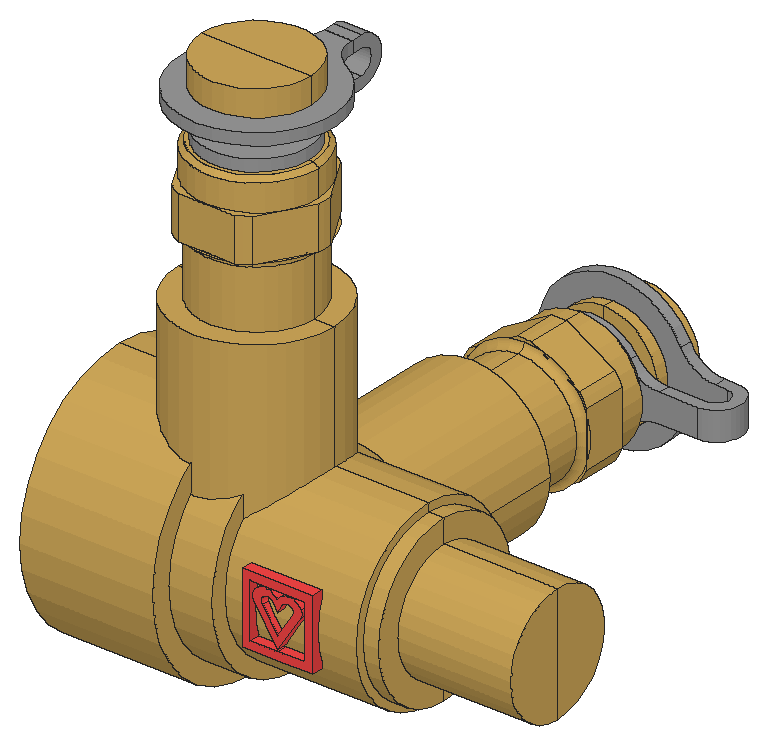
Revit family "HERZ Metering Station 4000_LF_MF", category Rohrzubehör, Revit 2018
Family settings
  Bemaßung runder Anschluss = Durchmesser verwenden
  Teiletyp = Unterbricht
  OmniClass-Nummer = 23.65.55.14
  OmniClass-Titel = Valves for Liquid Services
  Arbeitsebenenbasiert = Nein
  Immer vertikal = Ja
  Beim Laden mit Abzugskörper schneiden = Nein
  Gemeinsam genutzt = Nein
Parameters (values of type "MF")
  kvs-value [instance] = if(and(LF, Nennweite = 15.00 mm), 0.55, if(and(MF, Nennweite = 15.00 mm), 1.1, 0))  # 1.1
  URL = "www.herzvalves.com"
  SCRNSEQ = "AWI;AWI_TYP=\"1001\";02"
  SCRNCODE = "02;01;02"  # constant formula
  S03 = 10.00 mm  # constant formula
  S02 [instance] = S01 - 10.00 mm  # 17.50 mm
  S01 [instance] = H01  # 27.50 mm
  R01 [instance] = 10.00 mm  # constant formula
  Part number [instance] = if(and(LF, Nennweite = 15.00 mm), 1400011, if(and(MF, Nennweite = 15.00 mm), 1400021, 0))  # 1400021
  Nennweite [instance] = 15.00 mm  # constant formula
  Test point = "brass, CW602N"  # constant formula
  Model = "The metering station made of DZR brass has two measuring valves.\r\nAccording to EN 10226, the inlet has an internal thread Rp and the outlet an external thread R."
  Min. operating temperature = -20 °C  # constant formula
  Medium = "Water purity in accordance with the OeNORM H5195 and VDI 2035 standards.\r\nEthylene and propylene glycol can be mixed to a ratio of 25 - 50 vol. %."
  Max. operating pressure = 2000000.0 Pa  # constant formula
  Max. operating temperature (until DN32) = 130 °C  # constant formula
  Max. operating temperature (from DN40) = 110 °C  # constant formula
  MF = yes
  LO01 [instance] = 30.00 mm  # constant formula
  LF = no
  L05 [instance] = 23.00 mm  # constant formula
  L04 [instance] = 16.50 mm  # constant formula
  L03 [instance] = 22.60 mm  # constant formula
  L02 [instance] = 17.00 mm  # constant formula
  L01 [instance] = 17.50 mm  # constant formula
  L00 [instance] = 56.00 mm  # constant formula
  IG [instance] = Nennweite / 2  # 7.50 mm
  Hersteller = "HERZ Armaturen Ges.m.b.H."  # constant formula
  H01 [instance] = 27.50 mm  # constant formula
  GT1 [instance] = 14.50 mm  # constant formula
  GT [instance] = 13.00 mm  # constant formula
  D04 [instance] = D03 - 1.00 mm  # 10.50 mm
  D03 [instance] = 11.50 mm  # constant formula
  D02 [instance] = 13.50 mm  # constant formula
  D01 [instance] = 16.00 mm  # constant formula
  Body = "brass, CC770S"  # constant formula
  Application = "HERZ metering stations are installed in the circuit of water heating and cooling systems and enable the hydraulic balancing of the circuits with one another.\r\nThe metering stations can be used in the supply line as well as in the return line.\r\nThey are either installed closely connected to a HERZ commissioning valve to form a complete set or used in connection with a HERZ shutoff valve.\r\nThe circuit is adjusted by setting the commissioning valve while measuring the pressure loss on the metering station."
  AG [instance] = Nennweite / 2  # 7.50 mm
Types (3, lengths in mm): name | kvs-value | Part number | MF | LF
  (no name) | 1.1 | 1400021 | yes | no
  LF | 0.55 | 1400011 | no | yes
  MF | 1.1 | 1400021 | yes | no
Reference planes
  plane 1 "Mitte (Vorne/hinten)": y = 0
  plane 2: z = 0
  plane 3 "Mitte (Links/rechts)": x = 0
Forms (mm)
  Revolve 1, solid, material "Messing, weicher Gelbton, geschweißt", detail levels fine
    sketch origin (0, 0, 0) x (1, 0, 0) y (0, 0, 1)
      loop
        line (-4.5, 0) -> (38.5, 0) -> (38.5, 7.5) -> (24, 7.5) -> (24, 10.5) -> (22, 10.5) -> (22, 11.5) -> (5.1, 11.5) -> (5.1, 13.5) -> (-0.5, 13.5) -> (-0.5, 16) -> (-17.5, 16) -> (-17.5, 7.5) -> (-4.5, 7.5) -> (-4.5, 0)
      axis (-17.5, 0) -> (38.5, 0)
    angle from 0 to 360
  Revolve 2, solid, material "Messing, weicher Gelbton, geschweißt", detail levels fine
    sketch origin (0, 0, 0) x (1, 0, 0) y (0, 0, 1)
      loop
        line (-10, 7.5) -> (0, 7.5) -> (0, 27.5) -> (-10, 27.5) -> (-10, 7.5)
      axis (0, 27.5) -> (0, 7.5)
    angle from 0 to 360
  Revolve 3, solid, material "Messing, weicher Gelbton, geschweißt", detail levels fine
    sketch origin (0, 0, 0) x (1, 0, 0) y (0, 1, 0)
      loop
        line (5.5, 7.5) -> (15.5, 7.5) -> (15.5, 27.5) -> (5.5, 27.5) -> (5.5, 7.5)
      axis (5.5, 27.5) -> (5.5, 7.5)
    angle from 0 to 360
Lines and regions (mm)
  model lines, detail levels coarse+medium
    curve 1: line (-17.5, 0, 0) -> (0.5, 0, 0)
    curve 2: line (10.5, 0, -27.5) -> (10.5, 0, 27.5)
    curve 3: line (20.5, 0, 17.5) -> (20.5, 0, -17.5)
    curve 4: line (20.5, 0, 0) -> (38.5, 0, 0)
    curve 5: line (0.5, 0, 17.5) -> (0.5, 0, -17.5)
    curve 6: line (-17.5, 0, 0) -> (0.5, 0, 0)
    curve 7: line (10.5, 27.5, 0) -> (10.5, -27.5, 0)
    curve 8: line (0.5, 17.5, 0) -> (0.5, -17.5, 0)
    curve 9: line (20.5, 17.5, 0) -> (20.5, -17.5, 0)
    curve 10: line (20.5, 0, 0) -> (38.5, 0, 0)
Dimensions and locks
  "L00": Revolve 1 sketch curve to Revolve 1 sketch curve
  "GT": Revolve 1 sketch curve to Revolve 1 sketch curve
  "L01": plane 3 "Mitte (Links/rechts)" to Revolve 1 sketch curve
  "GT1": Revolve 1 sketch curve to Revolve 1 sketch curve
  "L02": Revolve 1 sketch curve to Revolve 1 sketch curve
  "L03": Revolve 1 sketch curve to Revolve 1 sketch curve
  "L04": Revolve 1 sketch curve to Revolve 1 sketch curve
  "AG": Revolve 1 sketch curve to plane 2
  "IG": Revolve 1 sketch curve to plane 2
  "D01": Revolve 1 sketch curve to plane 2
  "D02": Revolve 1 sketch curve to plane 2
  "D03": Revolve 1 sketch curve to plane 2
  "D04": Revolve 1 sketch curve to plane 2
  "D03": nested 1 to plane 1 "Mitte (Vorne/hinten)"
  "LO01": Revolve 1 to nested 1
  "IG": Revolve 2 sketch curve to plane 2
  "H01": Revolve 2 sketch curve to plane 2
  "R01": plane 3 "Mitte (Links/rechts)" to Revolve 2 sketch curve
  "H01": nested 2 to plane 2
  "IG": plane 1 "Mitte (Vorne/hinten)" to Revolve 3 sketch curve
  "H01": plane 1 "Mitte (Vorne/hinten)" to Revolve 3 sketch curve
  "R01": Revolve 3 sketch curve to Revolve 3 sketch curve
  "L05": Revolve 1 to Revolve 3 sketch curve  (x2)
  "H01": plane 1 "Mitte (Vorne/hinten)" to nested 3
  "L05": Revolve 1 to nested 3
  "L01": Revolve 1 to nested 2
  "S01": curve 2 to curve 4 to curve 2
  "L00": curve 1 to curve 4
  "S02": curve 3 to curve 4 to curve 3
  "S03": curve 2 to curve 3
  "S03": curve 2 to curve 5
  equal spacing: curve 4, curve 2, curve 1
  "S02": curve 5 to curve 1 to curve 5
  "L01": plane 3 "Mitte (Links/rechts)" to curve 1
  "L00": curve 6 to curve 10
  equal spacing: curve 6, curve 7, curve 10
  "S03": curve 8 to curve 7 to curve 9
  "S02": curve 9 to curve 10 to curve 9
  "S02": curve 8 to curve 6 to curve 8
  "S01": curve 7 to curve 10 to curve 7
  "L01": curve 6 to plane 3 "Mitte (Links/rechts)"
  aligned and locked: level to plane 2
Automatic sketch dimensions
  curve 4 to level = 0.00 mm
  curve 1 to level = 0.00 mm
  plane 1 "Mitte (Vorne/hinten)" to curve 10 = 0.00 mm
  plane 1 "Mitte (Vorne/hinten)" to curve 6 = 0.00 mm
  Revolve 1 sketch curve to level = 0.00 mm  (x2)
  Revolve 1 sketch curve to Revolve 1 sketch curve = 1489.03 mm
  Revolve 1 sketch curve to Revolve 1 sketch curve = 1800.648 mm
  Revolve 2 sketch curve to plane 3 "Mitte (Links/rechts)" = 0.00 mm  (x2)
  Revolve 2 sketch curve to level = 366.045 mm
  Revolve 2 sketch curve to Revolve 2 sketch curve = 2186.815 mm
  Revolve 3 sketch curve to Revolve 3 sketch curve = 0.00 mm  (x2)
Nested families
  nested 1: "Herz-Logo-vorne" at (12.5, -11.5, 0) x (0, 1, 0) z (0, 0, 1), type "Herz-Logo-vorne", detail levels fine
  nested 2: "Messstutzen_Band_Eintritt_senkrecht_(oben)" at (0, 0, 18.5), type "Messstutzen_Band_Eintritt_senkrecht_(oben)", detail levels fine
    with Schutzkappe yes, Nennweite 0.00 mm, Gewicht 0.00 kg, Bestellnummer 0
  nested 3: "Messstutzen_Band_Austritt_waagrecht" at (5.5, 18.5, 0) x (0, -1, 0) z (0, 0, 1), type "Messstutzen_Band_Austritt_waagrecht", detail levels fine
    with Schutzkappe yes, Nennweite 0.00 mm, Gewicht 0.00 kg, Bestellnummer 0
Connectors
  piping at (-4.5, 0, 0), diameter 15, driven by "Nennweite"
    settings: on Revolve 1, index 1, connector inside diameter 609.6 mm, connector length 0.00 mm, flow factor 0, pipe flow 0.0 L/s, pressure drop 0.0 Pa, fitting loss kfactor 0, connector angle 0.00°, fixture units 0, engagement length 0.00 mm, angle of deflection 0.00°, flow configuration 0, flow direction 1, fitting loss method 0, system type 29, joint type 0, gender type 0, connector reference index -1, connector utility 0, adjustable connector no, is connector primary yes, connector description ""
  piping at (38.5, 0, 0), diameter 15, driven by "Nennweite"
    settings: on Revolve 1, index 2, connector inside diameter 609.6 mm, connector length 0.00 mm, flow factor 0, pipe flow 0.0 L/s, pressure drop 0.0 Pa, fitting loss kfactor 0, connector angle 0.00°, fixture units 0, engagement length 0.00 mm, angle of deflection 0.00°, flow configuration 0, flow direction 2, fitting loss method 0, system type 29, joint type 0, gender type 0, connector reference index -1, connector utility 0, adjustable connector no, is connector primary no, connector description ""
Definition of nested family "Herz-Logo-vorne"
  Reference planes
    plane 1 "Mitte (Vorne/hinten)": y = 0
    plane 2: z = 0
    plane 3 "Mitte (Links/rechts)": x = 0
  Forms (mm)
    Extrusion 1, solid
      sketch origin (0.732, -0.018, 0.017) x (0, -1, 0) y (0, 0, 1)
        loop
          line (-0.018, -4.517) -> (4.482, -4.517) -> (4.482, 4.483) -> (-4.518, 4.483) -> (-4.518, -4.517) -> (-0.018, -4.517)
        loop
          line (-0.05, -3.48) -> (3.482, -3.48) -> (3.482, 3.483) -> (-3.518, 3.483) -> (-3.518, -3.48) -> (-0.05, -3.48)
        loop
          arc (-0.018, 2.383) -> (-1.543, 3.287) -> (-3.067, 2.383) r 1.738
          arc (-3.067, 2.383) -> (-3.191, 1.899) -> (-3.067, 1.415) r 1.009
          line (-3.067, 1.415) -> (-0.018, -3.281) -> (3.032, 1.415)
          arc (3.032, 1.415) -> (3.156, 1.899) -> (3.032, 2.383) r 1.009
          arc (3.032, 2.383) -> (1.507, 3.287) -> (-0.018, 2.383) r 1.738
        loop
          arc (1.885, 1.272) -> (2.005, 1.675) -> (1.885, 2.079) r 0.74
          arc (1.885, 2.079) -> (1.265, 2.416) -> (0.644, 2.079) r 0.74
          line (0.644, 2.079) -> (-0.018, 0.97) -> (-0.679, 2.079)
          arc (-0.679, 2.079) -> (-1.3, 2.416) -> (-1.921, 2.079) r 0.74
          arc (-1.921, 2.079) -> (-2.04, 1.675) -> (-1.921, 1.272) r 0.74
          line (-1.921, 1.272) -> (-0.018, -1.658) -> (1.885, 1.272)
      from 0 to 1.5
  Dimensions and locks
    aligned and locked: level to plane 2
Definition of nested family "Messstutzen_Band_Eintritt_senkrecht_(oben)"
  Parameters (values of type "Messstutzen_Band_Eintritt_senkrecht_(oben)")
    URL = "www.herz-armaturen.at"
    Schutzkappe [instance] = yes
    Nennweite [instance] = 0.00 mm
    Manufacturer = "Herz Armaturen GmbH"  # constant formula
    Gewicht [instance] = 0.00 kg
    Bestellnummer [instance] = 0
  Reference planes
    plane 1 "Mitte (Vorne/hinten)": y = 0
    plane 2: z = 0
    plane 3 "Mitte (Links/rechts)": x = 0
    plane 4 "Schlaufe 1": z = -27
    plane 5 "Schlaufe 2": z = -31.678
  Forms (mm)
    Revolve 1, solid, detail levels fine
      sketch origin (0, 0, 0) x (1, 0, 0) y (0, 0, 1)
        loop
          line (-7.4, 9) -> (-5.55, 9) -> (-5.55, 6)
          arc (-5.55, 6) -> (-5.626, 5.617) -> (-5.843, 5.293) r 1
          line (-5.843, 5.293) -> (-6.455, 4.681) -> (-6.455, 0.9) -> (-5.555, 0) -> (-2, 0) -> (-2, 17.5) -> (-8.4, 17.5)
          arc (-8.4, 17.5) -> (-7.693, 17.207) -> (-7.4, 16.5) r 1
          line (-7.4, 16.5) -> (-7.4, 9)
        loop
          line (-3.7, 27) -> (-7.3, 27) -> (-7.9, 26.4) -> (-7.9, 23) -> (-2, 23) -> (-2, 35.8) -> (-3.805, 35.8) -> (-4.415, 35.19) -> (-4.415, 30.863) -> (-3.7, 30.45) -> (-3.7, 27)
        axis (0, 0) -> (0, 35.8)
      angle from 0 to 360
    Extrusion 2, solid, detail levels fine
      sketch origin (0, 0, 17.5) x (0, 1, 0) y (-1, 0, 0)
        loop
          arc (-7.07, 5.156) -> (-7.578, 4.375) -> (-8, 3.544) r 8.75
          line (-8, 3.544) -> (-8, -3.544)
          arc (-8, -3.544) -> (-7.578, -4.375) -> (-7.07, -5.156) r 8.75
          line (-7.07, -5.156) -> (-0.93, -8.7)
          arc (-0.93, -8.7) -> (0, -8.75) -> (0.93, -8.7) r 8.75
          line (0.93, -8.7) -> (7.07, -5.156)
          arc (7.07, -5.156) -> (7.578, -4.375) -> (8, -3.544) r 8.75
          line (8, -3.544) -> (8, 3.544)
          arc (8, 3.544) -> (7.578, 4.375) -> (7.07, 5.156) r 8.75
          line (7.07, 5.156) -> (0.93, 8.7)
          arc (0.93, 8.7) -> (0, 8.75) -> (-0.93, 8.7) r 8.75
          line (-0.93, 8.7) -> (-7.07, 5.156)
      from 0 to 5.5
    Revolve 3, solid, visible <- "Schutzkappe", detail levels fine
      sketch origin (0, 0, 0) x (1, 0, 0) y (0, 0, 1)
        loop
          line (0, 35.878) -> (0, 36.678) -> (-7, 36.678) -> (-7, 33.378) -> (-6.1, 33.378) -> (-6.1, 31.678) -> (-6.9, 31.678) -> (-6.9, 30.178) -> (-4.415, 30.178) -> (-4.415, 35.268) -> (-3.805, 35.878) -> (0, 35.878)
        axis (0, 30.178) -> (0, 36.678)
      angle from 0 to 360
    Extrusion 4, solid, detail levels fine
      sketch origin (0, 0, 28.5) x (1, 0, 0) y (0, 1, 0)
        loop
          circle (0, 0) r 3.7
        loop
          arc (-3.906, 5.505) -> (0, -6.75) -> (3.906, 5.505) r 6.75
          arc (3.906, 5.505) -> (2.358, 7.288) -> (1.8, 9.582) r 5
          line (1.8, 9.582) -> (-1.8, 9.582)
          arc (-1.8, 9.582) -> (-2.358, 7.288) -> (-3.906, 5.505) r 5
      from 0 to -1.5
    Extrusion 5, solid, detail levels fine
      sketch origin (0, 0, 33.178) x (1, 0, 0) y (0, 1, 0)
        loop
          circle (0, 0) r 6.1
        loop
          arc (-4.495, 8.652) -> (0, -9.75) -> (4.495, 8.652) r 9.75
          arc (4.495, 8.652) -> (2.527, 10.493) -> (1.8, 13.089) r 5
          line (1.8, 13.089) -> (-1.8, 13.089)
          arc (-1.8, 13.089) -> (-2.527, 10.493) -> (-4.495, 8.652) r 5
      from 0 to -1.5
    Sweep 6, solid, detail levels fine
      path origin (0, 0, 0) x (0, 0, -1) y (0, -1, 0)
        loop
          line (-27.75, -9.582) -> (-27.75, -14.522)
          arc (-27.75, -14.522) -> (-30.089, -16.862) -> (-32.428, -14.522) r 2.339
          line (-32.428, -14.522) -> (-32.428, -13.089)
      profile origin (0, 12.052, 27.75) x (0, 0, 1) y (1, 0, 0)
        loop
          line (-0.75, -1.8) -> (0.75, -1.8) -> (0.75, 1.8) -> (-0.75, 1.8) -> (-0.75, -1.8)
  Dimensions and locks
    aligned and locked: level to plane 2
Definition of nested family "Messstutzen_Band_Austritt_waagrecht"
  Parameters (values of type "Messstutzen_Band_Austritt_waagrecht")
    URL = "www.herz-armaturen.at"
    Schutzkappe [instance] = yes
    Nennweite [instance] = 0.00 mm
    Manufacturer = "Herz Armaturen GmbH"  # constant formula
    Gewicht [instance] = 0.00 kg
    Bestellnummer [instance] = 0
  Reference planes
    plane 1 "Mitte (Vorne/hinten)": y = 0
    plane 2: z = 0
    plane 3 "Mitte (Links/rechts)": x = 0
  Forms (mm)
    Revolve 1, solid, detail levels fine
      sketch origin (0, 0, 0) x (0, 0, -1) y (1, 0, 0)
        loop
          line (-7.4, -9) -> (-7.4, -16.5)
          arc (-7.4, -16.5) -> (-7.693, -17.207) -> (-8.4, -17.5) r 1
          line (-8.4, -17.5) -> (-2, -17.5) -> (-2, 0) -> (-5.555, 0) -> (-6.455, -0.9) -> (-6.455, -4.681) -> (-5.843, -5.293)
          arc (-5.843, -5.293) -> (-5.626, -5.617) -> (-5.55, -6) r 1
          line (-5.55, -6) -> (-5.55, -9) -> (-7.4, -9)
        loop
          line (-3.7, -27) -> (-3.7, -30.45) -> (-4.415, -30.863) -> (-4.415, -35.19) -> (-3.805, -35.8) -> (-2, -35.8) -> (-2, -23) -> (-7.9, -23) -> (-7.9, -26.4) -> (-7.3, -27) -> (-3.7, -27)
        axis (0, 0) -> (0, -35.8)
      angle from 0 to 360
    Extrusion 2, solid, detail levels fine
      sketch origin (-17.5, 0, 0) x (0, 0, 1) y (0, 1, 0)
        loop
          line (5.156, -7.07) -> (8.7, -0.93)
          arc (8.7, -0.93) -> (8.75, 0) -> (8.7, 0.93) r 8.75
          line (8.7, 0.93) -> (5.156, 7.07)
          arc (5.156, 7.07) -> (4.375, 7.578) -> (3.544, 8) r 8.75
          line (3.544, 8) -> (-3.544, 8)
          arc (-3.544, 8) -> (-4.375, 7.578) -> (-5.156, 7.07) r 8.75
          line (-5.156, 7.07) -> (-8.7, 0.93)
          arc (-8.7, 0.93) -> (-8.75, 0) -> (-8.7, -0.93) r 8.75
          line (-8.7, -0.93) -> (-5.156, -7.07)
          arc (-5.156, -7.07) -> (-4.375, -7.578) -> (-3.544, -8) r 8.75
          line (-3.544, -8) -> (3.544, -8)
          arc (3.544, -8) -> (4.375, -7.578) -> (5.156, -7.07) r 8.75
      from 0 to 5.5
    Revolve 3, solid, visible <- "Schutzkappe", detail levels fine
      sketch origin (0, 0, 0) x (0, 0, -1) y (1, 0, 0)
        loop
          line (0, -35.878) -> (-3.805, -35.878) -> (-4.415, -35.268) -> (-4.415, -30.178) -> (-6.9, -30.178) -> (-6.9, -31.678) -> (-6.1, -31.678) -> (-6.1, -33.378) -> (-7, -33.378) -> (-7, -36.678) -> (0, -36.678) -> (0, -35.878)
        axis (0, -30.178) -> (0, -36.678)
      angle from 0 to 360
    Extrusion 4, solid, detail levels fine
      sketch origin (-27, 0, 0) x (0, 1, 0) y (0, 0, 1)
        loop
          circle (0, 0) r 3.7
        loop
          arc (5.505, 3.906) -> (-6.75, 0) -> (5.505, -3.906) r 6.75
          arc (5.505, -3.906) -> (7.288, -2.358) -> (9.582, -1.8) r 5
          line (9.582, -1.8) -> (9.582, 1.8)
          arc (9.582, 1.8) -> (7.288, 2.358) -> (5.505, 3.906) r 5
      from 0 to -1.5
    Extrusion 5, solid, detail levels fine
      sketch origin (-31.678, 0, 0) x (0, 1, 0) y (0, 0, 1)
        loop
          circle (0, 0) r 6.1
        loop
          arc (8.652, 4.495) -> (-9.75, 0) -> (8.652, -4.495) r 9.75
          arc (8.652, -4.495) -> (10.493, -2.527) -> (13.089, -1.8) r 5
          line (13.089, -1.8) -> (13.089, 1.8)
          arc (13.089, 1.8) -> (10.493, 2.527) -> (8.652, 4.495) r 5
      from 0 to -1.5
    Sweep 6, solid, detail levels fine
      path origin (0, 0, 0) x (0, -1, 0) y (1, 0, 0)
        loop
          line (-9.582, -27.75) -> (-14.522, -27.75)
          arc (-14.522, -27.75) -> (-16.862, -30.089) -> (-14.522, -32.428) r 2.339
          line (-14.522, -32.428) -> (-13.089, -32.428)
      profile origin (-27.75, 12.052, 0) x (-1, 0, 0) y (0, 0, 1)
        loop
          line (-0.75, 1.8) -> (-0.75, -1.8) -> (0.75, -1.8) -> (0.75, 1.8) -> (-0.75, 1.8)
  Cuts and joins
    joined: Extrusion 4, Extrusion 5, Sweep 6
  Dimensions and locks
    aligned and locked: level to plane 2
